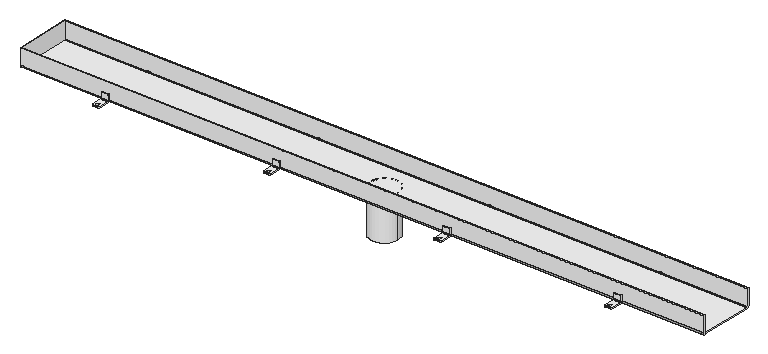
Revit family "P6460-THTD", category Plumbing Fixtures, host Face, Revit 2018
Family settings
  Host = Face
  Round Connector Dimension = Use Diameter
  Part Type = Normal
  Cut with Voids When Loaded = No
  Shared = No
  Room Calculation Point = No
Parameters (values of type "P6460-THTD-98")
  URL = "WWW.MIFAB.COM"
  Radius = 0' - 2"
  Number of Clamp = ((Length - 0' 0") / Clamp space)  # 4
  Model = "P6460-THTD-98"
  Material = Paint - Sherwin Williams Paint - #952C2A - Bellwood Red
  Manufacturer = "MIFAB"
  Length = 8' - 2"
  First position = (Length - ((Number of Clamp - 0.5) * Clamp space))  # 1' - 0 1/4"
  Diameter = 0' - 4"
  Description = "8\" WIDE, STAINLESS STEEL THRESHOLD DRAIN"
  Default Elevation = 4' - 0"
  Clamp space = 2' - 0 1/2"
Types (5): name | Number of Clamp | Model | Length | First position | Diameter | Clamp space
  (no name) | 4 | "P6460-THTD-98" | 8' - 2" | 1' - 0 1/4" | 0' - 4" | 2' - 0 1/2"
  P6460-THTD-36 | 4 | "P6460-THTD-36" | 3' - 0" | 0' - 4 1/2" | 0' - 3.8825" | 0' - 9"
  P6460-THTD-48 | 4 | "P6460-THTD-48" | 4' - 0" | 0' - 6" | 0' - 4" | 1' - 0"
  P6460-THTD-98 | 4 | "P6460-THTD-98" | 8' - 2" | 1' - 0 1/4" | 0' - 4" | 2' - 0 1/2"
  P6460-THTD-108 | 5 | "P6460-THTD-98" | 9' - 0" | 0' - 10 203/256" | 0' - 4" | 1' - 9 77/128"
Reference planes (in)
  plane 1 "Center (Front/Back)": y = 0
  plane 2: z = 0
  plane 3 "Center (Left/Right)": x = -28.55875
  plane 4: x = 69.44125
  plane 5: x = 20.44125
  plane 6: x = 69.36466
  plane 7: z = -8.5
  plane 8: x = -28.44141
  plane 9: z = -0.9375
  plane 10: z = -2.5
  plane 11: x = 69.44141
  plane 12: x = 69.38281
  plane 13: x = -28.38281
  plane 14: x = 18.44125
  plane 15: x = 22.44125
  plane 16: x = -16.30875
  plane 17: x = -4.5
  plane 18: y = 5.51765
  plane 19: y = -5.51765
Forms (in)
  Extrusion 1, solid, material "Paint - Sherwin Williams Paint - #952C2A - Bellwood Red" <- "Material"
    sketch origin (-28.55875, 0, 0) x (0, 1, 0) y (0, 0, 1)
      loop
        arc (3.8804, -2.2804) -> (3.85111, -2.35111) -> (3.7804, -2.3804) r 0.1
        line (3.7804, -2.3804) -> (-3.7804, -2.3804)
        arc (-3.7804, -2.3804) -> (-3.85111, -2.35111) -> (-3.8804, -2.2804) r 0.1
        line (-3.8804, -2.2804) -> (-3.8804, 0) -> (-4, 0) -> (-4, -2.2804)
        arc (-4, -2.2804) -> (-3.93568, -2.43568) -> (-3.7804, -2.5) r 0.2196
        line (-3.7804, -2.5) -> (3.7804, -2.5)
        arc (3.7804, -2.5) -> (3.93568, -2.43568) -> (4, -2.2804) r 0.2196
        line (4, -2.2804) -> (4, 0) -> (3.8804, 0) -> (3.8804, -2.2804)
    from 0.11734 to 98.00016
  Extrusion 2, void
    sketch origin (0, 0, 0) x (1, 0, 0) y (0, 1, 0)
      loop
        line (-28.55875, 4) -> (-28.55875, -4) -> (69.44125, -4) -> (69.44125, 4) -> (-28.55875, 4)
    from -8.5 to 0
  Extrusion 3, solid, material "Paint - Sherwin Williams Paint - #952C2A - Bellwood Red" <- "Material"
    sketch origin (19.5, 0, 0) x (0, 1, 0) y (0, 0, -1)
      loop
        arc (4, 2.2804) -> (3.93568, 2.43568) -> (3.7804, 2.5) r 0.2196
        line (3.7804, 2.5) -> (-3.7804, 2.5)
        arc (-3.7804, 2.5) -> (-3.93568, 2.43568) -> (-4, 2.2804) r 0.2196
        line (-4, 2.2804) -> (-4, 0) -> (4, 0) -> (4, 2.2804)
    from 48.05875 to 47.94141
  Revolve 4, solid, material "Paint - Sherwin Williams Paint - #952C2A - Bellwood Red" <- "Material"
    sketch origin (-4.5, 0, 0) x (1, 0, 0) y (0, 0, 1)
      loop
        line (23.12875, -8.5) -> (23.12875, -2.5) -> (22.94125, -2.5) -> (22.94125, -8.5) -> (23.12875, -8.5)
      axis (24.94125, -8.5) -> (24.94125, -2.5)
    angle from 0 to 360
  Extrusion 5, void
    sketch origin (0, 0, 0) x (1, 0, 0) y (0, 1, 0)
      loop
        circle (20.44125, 0) r 2
    from -2.5 to -2.4402
  Sweep 6, solid, material "Paint - Sherwin Williams Paint - #952C2A - Bellwood Red" <- "Material", not visible
    path origin (0, 0, 0) x (1, 0, 0) y (0, 1, 0)
      loop
        line (69.44141, 0) -> (-28.44141, 0)
    profile origin (20.5, 0, 0) x (0, -1, 0) y (0, 0, 1)
      loop
        arc (-3.5834, 0) -> (-3.74922, -0.06868) -> (-3.8179, -0.2345) r 0.2345
        line (-3.8179, -0.2345) -> (-3.8179, -2.1459)
        arc (-3.8179, -2.1459) -> (-3.74922, -2.31172) -> (-3.5834, -2.3804) r 0.2345
        line (-3.5834, -2.3804) -> (-2.8179, -2.3804) -> (-2.8179, -2.2459) -> (-3.5834, -2.2459)
        arc (-3.5834, -2.2459) -> (-3.65411, -2.21661) -> (-3.6834, -2.1459) r 0.1
        line (-3.6834, -2.1459) -> (-3.6834, -0.2345)
        arc (-3.6834, -0.2345) -> (-3.65411, -0.16379) -> (-3.5834, -0.1345) r 0.1
        line (-3.5834, -0.1345) -> (3.5834, -0.1345)
        arc (3.5834, -0.1345) -> (3.65411, -0.16379) -> (3.6834, -0.2345) r 0.1
        line (3.6834, -0.2345) -> (3.6834, -2.1459)
        arc (3.6834, -2.1459) -> (3.65411, -2.21661) -> (3.5834, -2.2459) r 0.1
        line (3.5834, -2.2459) -> (2.8179, -2.2459) -> (2.8179, -2.3804) -> (3.5834, -2.3804)
        arc (3.5834, -2.3804) -> (3.74922, -2.31172) -> (3.8179, -2.1459) r 0.2345
        line (3.8179, -2.1459) -> (3.8179, -0.2345)
        arc (3.8179, -0.2345) -> (3.74922, -0.06868) -> (3.5834, 0) r 0.2345
        line (3.5834, 0) -> (-3.5834, 0)
Cuts and joins
  Extrusion 5 cuts Extrusion 1
  joined: Extrusion 1, Extrusion 3, Revolve 4
Lines and regions (in)
  model lines, not visible
    curve 1: line (59.65335, -20.93764, 0) -> (59.65335, -8.19764, 0)
    curve 2: line (59.65335, -8.19764, 0) -> (68.65335, -8.19764, 0)
    curve 3: line (59.65335, -20.93764, 0) -> (68.65335, -20.93764, 0)
    curve 4: line (59.65335, -14.56764, 0) -> (62.65335, -14.56764, 0)
    curve 5: line (16.3877, -20.88914, 0) -> (16.3877, -19.13914, 0)
    curve 6: line (16.3877, -19.13914, 0) -> (18.5127, -19.13914, 0)
    curve 7: line (18.5127, -19.13914, 0) -> (18.5127, -20.88914, 0)
    curve 8: line (17.4502, -19.13914, 0) -> (17.4502, -19.63914, 0)
    curve 9: line (-28.5, 3.11725, 1.65743) -> (-28.5, 3.11725, 2.15743)
    curve 10: line (-28.5, 3.11725, 2.15743) -> (-28.5, -3.88275, 2.15743)
    curve 11: line (-28.5, -3.88275, 2.15743) -> (-28.5, -3.88275, 1.65743)
    curve 12: line (-28.5, -0.38275, 2.15743) -> (-28.5, -0.38275, 2.65743)
    curve 13: line (89.73548, 99.85913, 0) -> (89.73548, 99.04811, 0)
    curve 14: line (90.48499, 99.04811, 0) -> (89.73548, 99.04811, 0)
    curve 15: line (90.48499, 99.04811, 0) -> (90.48499, 99.79811, 0)
Dimensions and locks (in)
  "Length": plane 3 "Center (Left/Right)" to plane 4
  equal spacing: plane 3 "Center (Left/Right)", plane 5, plane 4
  locked: plane 4 to plane 6 at 0.07659
  locked: plane 3 "Center (Left/Right)" to plane 8 at 0.11734
  locked: plane 2 to plane 9 at 0.9375
  locked: level to plane 10 at 2.5
  locked: plane 4 to plane 11 at 0.00016
  locked: plane 12 to plane 11 at 0.05859
  locked: plane 13 to plane 8 at 0.05859
  equal spacing: plane 15, plane 5, plane 14
  "Diameter": plane 15 to plane 14
  plane 10 to plane 7 = 0' - 6"
  plane 2 to plane 7 = 0' - 8 1/2"
  locked: Revolve 4 sketch curve to Revolve 4 sketch curve at 0.1875
  "Radius": plane 5 to Revolve 4 sketch curve
  "Clamp space": plane 16 to nested 4
  equal spacing: group 5, group 6, group 7, group 8  (x3)
  "First position": plane 3 "Center (Left/Right)" to plane 16
  "Diameter": diameter of Extrusion 5 sketch curve
  aligned and locked: host face to plane 2
  aligned and locked: host face to level
  aligned and locked: Extrusion 2 sketch curve to plane 3 "Center (Left/Right)"
  aligned and locked: Extrusion 2 sketch curve to plane 4
  aligned and locked: Extrusion 2 to level
  aligned and locked: cut or joined group of Extrusion 1, Extrusion 3, Revolve 4, Extrusion 5 to plane 11
  aligned and locked: cut or joined group of Extrusion 1, Extrusion 3, Revolve 4, Extrusion 5 to Extrusion 5
  aligned and locked: Sweep 6 sketch curve to plane 1 "Center (Front/Back)"
  aligned and locked: Sweep 6 sketch curve to plane 2
  aligned and locked: plane 16 to nested 2
  aligned and locked: nested 1 to plane 16
  aligned and locked: nested 2 to cut or joined group of Extrusion 1, Extrusion 3, Revolve 4, Extrusion 5
  aligned and locked: plane 2 to Extrusion 1 sketch curve
  aligned and locked: Extrusion 3 to plane 3 "Center (Left/Right)"
  aligned and locked: plane 8 to Extrusion 3
  aligned and locked: Sweep 6 sketch curve to cut or joined group of Extrusion 1, Extrusion 3, Revolve 4, Extrusion 5
  aligned and locked: plane 11 to Sweep 6 sketch curve
  aligned and locked: Extrusion 1 to plane 8
  aligned and locked: plane 10 to nested 2
  aligned and locked: nested 1 to plane 10
  aligned and locked: Extrusion 2 to cut or joined group of Extrusion 1, Extrusion 3, Revolve 4, Extrusion 5
  aligned and locked: Extrusion 2 sketch curve to cut or joined group of Extrusion 1, Extrusion 3, Revolve 4, Extrusion 5  (x2)
Automatic sketch dimensions
  curve 1 to curve 2 = 1' - 0.74"
  curve 4 to curve 4 = 0' - 3"
  curve 4 to curve 3 = 0' - 6"
  curve 4 to curve 2 = 0' - 6"
  curve 1 to curve 4 = 0' - 6.37"
  curve 5 to curve 7 = 0' - 2 1/8"
  curve 8 to curve 6 = 0' - 1 1/16"
  curve 8 to curve 6 = 0' - 0 1/2"
  curve 5 to curve 8 = 0' - 1 1/4"
  curve 7 to curve 8 = 0' - 1 1/4"
  host sketch curve to host sketch curve = 10' - 9.16306"
  host sketch curve to host sketch curve = 5' - 0.25933"
  Sweep 6 sketch curve to Sweep 6 sketch curve = 0' - 0"  (x9)
  profile plane to Sweep 6 sketch curve = 0' - 3.8179"
  Sweep 6 sketch curve to Sweep 6 sketch curve = 0' - 0.7655"  (x2)
  Sweep 6 sketch curve to profile plane = 0' - 2.8179"
  Sweep 6 sketch curve to Sweep 6 sketch curve = 0' - 0.1"  (x3)
  Sweep 6 sketch curve to Sweep 6 sketch curve = 0' - 1.9114"
  Sweep 6 sketch curve to Sweep 6 sketch curve = 0' - 2.1459"
  Sweep 6 sketch curve to Sweep 6 sketch curve = 0' - 0.1345"
  plane 10 to Extrusion 1 sketch curve = 0' - 0.2196"
  Extrusion 1 sketch curve to plane 19 = 0' - 1.51765"
  Extrusion 1 sketch curve to Extrusion 1 sketch curve = 0' - 0.1196"
  Extrusion 1 sketch curve to Extrusion 1 sketch curve = 0' - 0"  (x4)
  Extrusion 1 sketch curve to plane 18 = 0' - 1.73725"
  Extrusion 1 sketch curve to Extrusion 1 sketch curve = 0' - 0.1"
  Extrusion 1 sketch curve to plane 10 = 0' - 0"
  Extrusion 1 sketch curve to level = 0' - 0"
  Extrusion 3 sketch curve to level = 0' - 0"
  Extrusion 3 sketch curve to plane 10 = 0' - 0"
  Extrusion 3 sketch curve to plane 19 = 0' - 1.51765"
  Extrusion 3 sketch curve to Extrusion 3 sketch curve = 0' - 0.2196"  (x2)
  Extrusion 3 sketch curve to plane 18 = 0' - 1.51765"
  Revolve 4 sketch curve to plane 5 = 0' - 0"
  Revolve 4 sketch curve to plane 7 = 0' - 0"
  Revolve 4 sketch curve to plane 10 = 0' - 0"
  Revolve 4 sketch curve to plane 7 = 0' - 0.59023"
  Revolve 4 sketch curve to Revolve 4 sketch curve = 0' - 0 3/4"
  plane 1 "Center (Front/Back)" to Extrusion 5 sketch curve = 0' - 0"
  Extrusion 5 sketch curve to plane 14 = 0' - 0"
Nested families (in)
  nested 1: "Connection" at (-16.30875, 4, -2.5) x (0, -1, 0) z (0, 0, 1), type "Connection"
  nested 2: "Connection" at (-16.30875, -4, -2.5) x (0, 1, 0) z (0, 0, 1), type "Connection"
  nested 3: "Connection" at (8.19125, 4, -2.5) x (0, -1, 0) z (0, 0, 1), type "Connection"
  nested 4: "Connection" at (8.19125, -4, -2.5) x (0, 1, 0) z (0, 0, 1), type "Connection"
  nested 5: "Connection" at (32.69125, 4, -2.5) x (0, -1, 0) z (0, 0, 1), type "Connection"
  nested 6: "Connection" at (32.69125, -4, -2.5) x (0, 1, 0) z (0, 0, 1), type "Connection"
  nested 7: "Connection" at (57.19125, 4, -2.5) x (0, -1, 0) z (0, 0, 1), type "Connection"
  nested 8: "Connection" at (57.19125, -4, -2.5) x (0, 1, 0) z (0, 0, 1), type "Connection"
Connectors (in)
  piping at (20.44125, 0, -8.5), diameter 4, driven by "Diameter"
    settings: on Revolve 4, index 1, connector inside diameter 609.6 mm, connector length 0' - 0", flow factor 0, pipe flow 0.0 L/s, pressure drop 0.0 Pa, fitting loss kfactor 0, connector angle 0.00°, fixture units 0, engagement length 0' - 0", angle of deflection 0.00°, flow configuration 0, flow direction 0, fitting loss method 0, system type 7, joint type 0, gender type 0, connector reference index -1, connector utility 0, adjustable connector no, is connector primary yes, connector description ""
Definition of nested family "Connection"
  Parameters (values of type "Connection")
    Material = none
  Reference planes (in)
    plane 1 "Center (Front/Back)": y = 0
    plane 2: z = 0
    plane 3 "Center (Left/Right)": x = 0
  Forms (in)
    Extrusion 1, solid, material <- "Material"
      sketch origin (0, 0.375, 0) x (1, 0, 0) y (0, 0, 1)
        loop
          arc (0, 0.93631) -> (-0.01831, 0.98051) -> (-0.0625, 0.99881) r 0.0625
          line (-0.0625, 0.99881) -> (-0.11952, 0.99881) -> (-0.11952, 0.21946)
          arc (-0.11952, 0.21946) -> (-0.14879, 0.14879) -> (-0.21946, 0.11952) r 0.09993
          line (-0.21946, 0.11952) -> (-1.82745, 0.11952) -> (-1.82745, 0) -> (-0.23806, 0)
          arc (-0.23806, 0) -> (-0.06973, 0.06973) -> (0, 0.23806) r 0.23806
          line (0, 0.23806) -> (0, 0.93631)
      from -0.12467 to 0.87467
    Extrusion 2, void
      sketch origin (0, 0, 0) x (1, 0, 0) y (0, 1, 0)
        loop
          line (-1.82745, 0.49992) -> (-1.82745, 0.37475)
          arc (-1.82745, 0.37475) -> (-1.79086, 0.46308) -> (-1.70253, 0.49992) r 0.12492
          line (-1.70253, 0.49992) -> (-1.82745, 0.49992)
        loop
          line (-1.82745, -0.49967) -> (-1.70253, -0.49967)
          arc (-1.70253, -0.49967) -> (-1.79086, -0.46308) -> (-1.82745, -0.37475) r 0.12492
          line (-1.82745, -0.37475) -> (-1.82745, -0.49967)
        loop
          circle (-1.45269, 0) r 0.24984
      from 0 to 0.17187
  Cuts and joins
    Extrusion 2 cuts Extrusion 1
  Lines and regions (in)
    model lines, not visible
      curve 1: line (-2.74275, 1.57536, 0) -> (-2.74275, 2.51224, 0)
      curve 2: arc (-2.74275, 2.51224, 0) -> (-2.70616, 2.60057, 0) -> (-2.61783, 2.63716, 0) r 0.12492
      curve 3: line (-2.61783, 2.63716, 0) -> (-1.86833, 2.63716, 0)
      curve 4: arc (-1.86833, 2.63716, 0) -> (-1.78, 2.60057, 0) -> (-1.74341, 2.51224, 0) r 0.12492
      curve 5: line (-1.74341, 2.51224, 0) -> (-1.74341, 1.57536, 0)
      curve 6: arc (-2.24308, 2.01257, 0) -> (-1.99324, 2.2624, 0) -> (-2.24308, 2.51224, 0) r 0.24984
      curve 7: arc (-2.24308, 2.51224, 0) -> (-2.49292, 2.2624, 0) -> (-2.24308, 2.01257, 0) r 0.24984
      curve 8: line (-0.21946, 0, 0.11952) -> (-1.81131, 0, 0.11952)
      curve 9: line (-1.81131, 0, 0) -> (-0.21946, 0, 0)
      curve 10: line (-0.11952, 0, 0.9974) -> (-0.11952, 0, 0.21946)
      curve 11: line (0, 0, 0.89941) -> (0, 0, 0.21946)
      curve 12: arc (0, 0, 0.89941) -> (-0.03657, 0, 0.97669) -> (-0.11952, 0, 0.9974) r 0.09993
      curve 13: arc (-0.21946, 0, 0) -> (-0.06428, 0, 0.06428) -> (0, 0, 0.21946) r 0.21946
      curve 14: arc (-0.21946, 0, 0.11952) -> (-0.14879, 0, 0.14879) -> (-0.11952, 0, 0.21946) r 0.09993
      curve 15: line (-1.81131, 0, 0.11952) -> (-1.81131, 0, 0)
  Dimensions and locks (in)
    aligned and locked: level to plane 2
